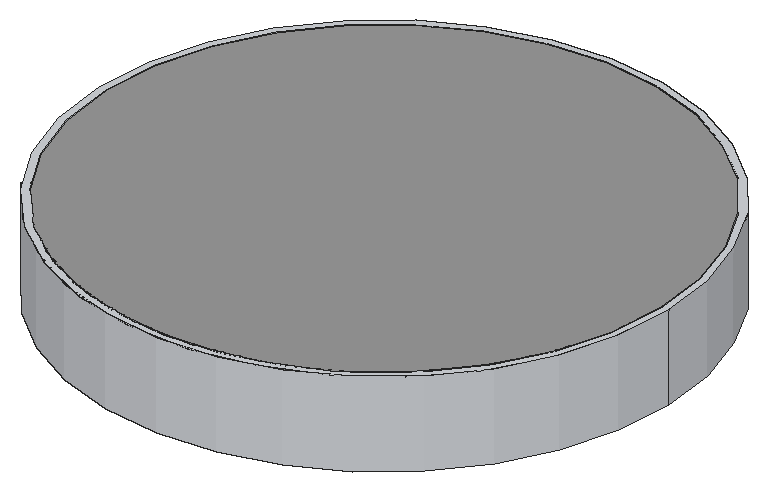
Revit family "2071123", category Lighting Fixtures, host Face, Revit 2018
Family settings
  Host = Face
  Round Connector Dimension = Use Diameter
  Part Type = Normal
  OmniClass Number = 23.80.70.00
  OmniClass Title = Lighting
  Cut with Voids When Loaded = No
  Light Source = Yes
  Shared = No
  Room Calculation Point = No
Parameters (values of type "2071123 COLOSSAL 400 940 OP DIR WHT DALI")
  iner diameter = 390 mm
  Weight = "n/a"
  Wattage Comments = ""
  Wattage = 30 W
  WarrantyStartDate [instance] = "n/a"
  WarrantyGuarantorParts = "n/a"
  WarrantyDurationUnit = "n/a"
  WarrantyDurationParts = ""
  WarrantyDescription = "http://www.sylvania-lighting.com"
  built-in parameter 1150110 = 1 (stored number, unit not read)
  Voltage = 230 V
  URL = "0.95"
  TypeName = "COLOSSAL 400mm 940 OPAL DIR WHITE DALI"
  Type Image = <None>
  Type Comments = "n/a"
  built-in parameter 1114217 = 1 (stored number, unit not read)
  Tilt Angle = -90.00°
  built-in parameter 1150109 = 1 (stored number, unit not read)
  built-in parameter 1150134 = (empty or 0)
  built-in parameter 1150113 = 1 (stored number, unit not read)
  SerialNumber [instance] = "n/a"
  Photometric Web File = "2071123.ies"
  Material_3_SYL = LED-Sylvania
  PowerFactor = 0
  PowerConsumption = "Lighting"
  NominalLength = 400 mm
  NominalHeight = 93 mm
  NominalDepth = 400 mm
  Name = "COLOSSAL 400mm 940 OPAL DIR WHITE DALI"
  ModelReference = Name  # "COLOSSAL 400mm 940 OPAL DIR WHITE DALI"
  ModelNumber = "2071123"
  Model = Name  # "COLOSSAL 400mm 940 OPAL DIR WHITE DALI"
  Material = "Feilo Sylvania"
  ManufacturerName = "106 lm/W"
  Manufacturer = ""
  LuminousEfficacy = ""
  built-in parameter 1150105 = 270.44 (stored number, unit not read)
  Lumens = 3398.4 lm
  LuminaireType = "0"
  built-in parameter 1150115 = 1 (stored number, unit not read)
  LightOutputRatio = "LED"
  built-in parameter 1150137 = (empty or 0)
  built-in parameter 1150139 = (empty or 0)
  LampsType = Lamp  # "n/a"
  LampNominalLuminous = "4000 K"
  LampMacAdamStep = "90"
  LampColourTemperature = "LED"
  LampColourRenderingIndex = "16500"
  built-in parameter 1150112 = 1 (stored number, unit not read)
  built-in parameter 1150114 = 1 (stored number, unit not read)
  Lamp = "n/a"
  Keynote = "n/a"
  InstallationDate [instance] = "n/a"
  InputVoltage = "0"
  InputNominalFrequency = "4000"
  built-in parameter 1150132 = (empty or 0)
  built-in parameter 1150102 = (empty or 0)
  built-in parameter 1150107 = 3000 (stored number, unit not read)
  built-in parameter 1150138 = (empty or 0)
  IngressProtection = "IfcLightFixtureType"
  ImpactProtectionIndex = "IfcLightFixtureType"
  built-in parameter 1150106 = 2.7044 (stored number, unit not read)
  IfcExportType = "IfcLightFixtureType"
  IfcExportAs = "Class I"
  Emit from Circle Diameter = 385 mm
  Emit Shape Visible in Rendering = no
  ElectricShockClassification = "106"
  built-in parameter 1150104 = 10.524 (stored number, unit not read)
  DocumentationLiterature = "http://www.sylvania-lighting.com/product/en-int/products/2071123"
  DimmingControlOptions = "n/a"
  Material_2_SYL = Polycarbonate_Sylvania_White
  Dimming Lamp Color Temperature Shift = <None>
  Description = "400mm diameter circular architectural luminaire, can be surface mounted or suspended. Powder coated aluminium housing (RAL9016) with polycarbonate opal diffuser. Direct light distribution, 2200lm luminuous flux, 20.7W system power, 106lm/W luminiaire efficacy. DALI dimmable. Colour rendering index Ra >90, 4000K Neutral White LED, chromaticity tolerance of 3-step MacAdam ellipse. IP40, IK03. 450mA drive current. Electrical protection Class1, 220-240V. Reported lifetime 66k hours L90B10."
  Default Elevation = 1219.2 mm
  CreatedOn = "22/03/2022"
  CreatedBy = "@sylvania-lighting.com"
  Cost = 0
  Color Filter = 16777215
  built-in parameter 1114216 [instance] = (empty or 0)
  ClassificationValue = "EF_70_80"
  ClassificationName = "Uniclass2015"
  Material_1_SYL = Polycarbonate_Sylvania_Opal
  BarCode [instance] = "n/a"
  built-in parameter 1114218 = 1 (stored number, unit not read)
  built-in parameter 1150133 = 10 (stored number, unit not read)
  AssetType = "Fixed"
  AssetIdentifier [instance] = "n/a"
  Assembly Code = "D5020200"
  Apparent Load = 20.7 VA
  Material_4_SYL = none
Reference planes
  plane 1 "Center (Front/Back)": y = 0
  plane 2: z = 0
  plane 3 "Center (Left/Right)": x = 0
  plane 4: x = -200
  plane 5: x = 200
  plane 6: y = 200
  plane 7: y = -200
  plane 8: y = 236
  plane 9: y = -236
  plane 10: z = 93
  plane 11: y = 195
  plane 12: y = -195
  plane 13: y = 90.5
  plane 14: y = 144.5
  plane 15: through (52.25, 90.5, 1219.2) normal (0.866, 0.5, 0)
  plane 16: through (52.25, 90.5, 1219.2) normal (0.866, 0.5, 0)
  plane 17: through (63.706, 126.657, 1219.2) normal (0.866, 0.5, 0)
  plane 18: through (-104.5, 0, 1219.2) normal (-0.866, 0.5, 0)
  plane 19: through (-142.394, -9.633, 1219.2) normal (-0.866, 0.5, 0)
  plane 20: y = -90.5
  plane 21: y = -118.5
  plane 22: through (85.371, -141.133, 1219.2) normal (-0.866, 0.5, 0)
  plane 23: through (52.25, -90.5, 1219.2) normal (-0.866, 0.5, 0)
  plane 24: through (-161.658, 0, 1219.2) normal (0.866, 0.5, 0)
  plane 25: through (-172.12, 9.121, 1219.2) normal (0.866, 0.5, 0)
  plane 26: through (-104.5, 0, 1219.2) normal (0.866, 0.5, 0)
Forms (mm)
  Extrusion 1, solid, detail levels medium+fine
    sketch origin (0, 0, 0) x (1, 0, 0) y (0, 1, 0)
      loop
        circle (0, 0) r 200
    from 33.023 to 93
  Extrusion 2, void
    sketch origin (0, 0, 0) x (1, 0, 0) y (0, 1, 0)
      loop
        circle (0, 0) r 195
    from 93 to 37.292
  Extrusion 3, solid, material "Glass, White, High Luminance", detail levels fine
    sketch origin (0, 0, 0) x (1, 0, 0) y (0, 1, 0)
      loop
        circle (0, 0) r 195
    from 88.026 to 93
  Extrusion 4, solid, detail levels coarse
    sketch origin (0, 0, 0) x (1, 0, 0) y (0, 1, 0)
      loop
        line (-200, 200) -> (-200, -200) -> (200, -200) -> (200, 200) -> (-200, 200)
    from 0 to 93
  Blend 5, solid, detail levels medium+fine
    base sketch origin (0, 0, 0) x (1, 0, 0) y (0, 1, 0)
      loop
        line (-52.25, 90.5) -> (-104.5, 0) -> (-52.25, -90.5) -> (52.25, -90.5) -> (104.5, 0) -> (52.25, 90.5) -> (-52.25, 90.5)
    top sketch origin (0, 0, 0) x (1, 0, 0) y (0, 1, 0)
      loop
        line (-53.405, 144.5) -> (-149.245, -21.5) -> (-93.242, -118.5) -> (98.438, -118.5) -> (151.843, -26) -> (53.405, 144.5) -> (-53.405, 144.5)
    from 0 to 33.023
Cuts and joins
  Extrusion 2 cuts Extrusion 1
Dimensions and locks
  "NominalDepth": plane 6 to plane 7
  "NominalLength": plane 4 to plane 5
  equal spacing: plane 4, plane 3 "Center (Left/Right)", plane 5
  "iner diameter": plane 11 to plane 12
  equal spacing: plane 11, plane 1 "Center (Front/Back)", plane 12
  equal spacing: plane 6, plane 1 "Center (Front/Back)", plane 7
  "NominalHeight": plane 10 to level
  plane 19 to plane 18 = 28 mm
  radius of Extrusion 2 sketch curve = 195 mm
  aligned and locked: plane 2 to host face
  aligned and locked: level to host face
Automatic sketch dimensions
  host sketch curve to host sketch curve = 2438.4 mm  (x2)
  plane 1 "Center (Front/Back)" to Extrusion 1 sketch curve = 0 mm
  Extrusion 1 sketch curve to plane 3 "Center (Left/Right)" = 0 mm
  plane 1 "Center (Front/Back)" to Extrusion 2 sketch curve = 0 mm
  Extrusion 2 sketch curve to plane 3 "Center (Left/Right)" = 0 mm
  plane 1 "Center (Front/Back)" to Extrusion 3 sketch curve = 0 mm
  Extrusion 3 sketch curve to plane 3 "Center (Left/Right)" = 0 mm
  Extrusion 4 sketch curve to plane 4 = 0 mm
  Extrusion 4 sketch curve to plane 5 = 0 mm
  Extrusion 4 sketch curve to plane 7 = 0 mm
  Extrusion 4 sketch curve to plane 6 = 0 mm
  Blend 5 sketch curve to plane 19 = 0 mm  (x2)
  Blend 5 sketch curve to plane 24 = 0 mm  (x2)
  Blend 5 sketch curve to plane 21 = 0 mm
  Blend 5 sketch curve to plane 14 = 0 mm
  Blend 5 sketch curve to plane 17 = 0 mm  (x2)
  Blend 5 sketch curve to plane 22 = 0 mm  (x2)
  radius of Extrusion 1 sketch curve = 200 mm
  radius of Extrusion 3 sketch curve = 195 mm
Connectors
  electrical at (0, 0, 0), driven by "Apparent Load", driven by "PowerFactor", driven by "Voltage"
    settings: index 1, voltage 230 V, apparent load 20.7 VA, apparent load phase1 0 VA, apparent load phase2 0 VA, apparent load phase3 0 VA, power factor 0, load classification "Lighting", number of poles 1, system type 30, power factor state 1, is connector primary yes, connector utility no, sub classification motor no, connector description ""
